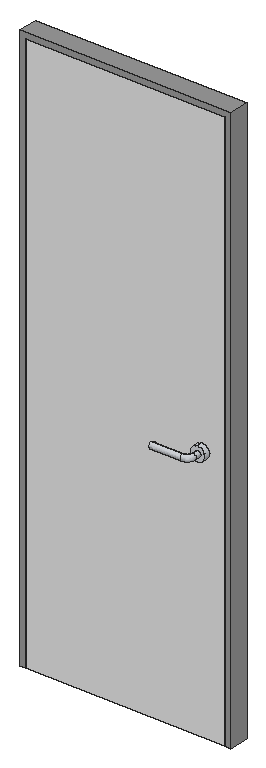
Revit family "- Rosario", category Doors, host Wall, Revit 2018
Family settings
  Host = Wall
  OmniClass Number = 23.30.10.00
  OmniClass Title = Doors
  Always vertical = Yes
  Cut with Voids When Loaded = No
  Shared = No
  Room Calculation Point = No
Parameters (values of type "- 70 x 200 cm")
  Set de Marcos = ""
  Relleno = ""
  Material Marco = - Perfil Aluminio
  Material Hoja = - HDF Primer
  Manilla = - Manilla
  Hojas = "Simple de Abatir"
  Function = Interior
  Frame Projection Ext. = 2.50 cm
  Frame Projection Int. = 2.50 cm
  Frame Width = 7.50 cm
  Height = 200.00 cm
  Wall Closure = By host
  Width = 74.00 cm
  Distancia a Cara Interior = 6.00 cm
  Bisagras = ""
  Ancho Hoja = Width - 4.00 cm  # 70.00 cm
  Ancho = Width  # 74.00 cm
  Analytic Construction = "<None>"
  Alto = Height  # 200.00 cm
Types (12, lengths in cm): name | Material Hoja | Height | Width | Ancho Hoja | Ancho | Alto
  - 70 x 200 cm | - HDF Primer | 200.00 | 74.00 | 70.00 | 74.00 | 200.00
  - 75 x 200 cm | none | 200.00 | 79.00 | 75.00 | 79.00 | 200.00
  - 80 x 200 cm | none | 200.00 | 84.00 | 80.00 | 84.00 | 200.00
  - 85 x 200 cm | none | 200.00 | 89.00 | 85.00 | 89.00 | 200.00
  - 90 x 200 cm | none | 200.00 | 94.00 | 90.00 | 94.00 | 200.00
  -100 x 200 cm | none | 200.00 | 104.00 | 100.00 | 104.00 | 200.00
  - 70 x 210 cm | none | 210.00 | 74.00 | 70.00 | 74.00 | 210.00
  - 75 x 210 cm | none | 210.00 | 79.00 | 75.00 | 79.00 | 210.00
  - 80 x 210 cm | none | 210.00 | 84.00 | 80.00 | 84.00 | 210.00
  - 85 x 210 cm | none | 210.00 | 89.00 | 85.00 | 89.00 | 210.00
  - 90 x 210 cm | none | 210.00 | 94.00 | 90.00 | 94.00 | 210.00
  - 100 x 210 cm | - HDF Crystal | 210.00 | 104.00 | 100.00 | 104.00 | 210.00
Reference planes (cm)
  plane 1: y = 0
  plane 2 "Center (Left/Right)": x = 0
  plane 3 "Left": x = -37
  plane 4 "Right": x = 37
  plane 5: z = 200
  plane 6 "Exterior": y = 7.5
  plane 7 "Interior": y = -7.5
  plane 8: y = -1.5
  plane 9: z = 198
  plane 10: x = -35
  plane 11: x = 35
Forms (cm)
  Sweep 1, solid, material "- Perfil Aluminio" <- "Material Marco"
    path origin (0, 7.5, 0) x (1, 0, 0) y (0, 0, 1)
      loop
        line (37, 0) -> (37, 200) -> (-37, 200) -> (-37, 0)
    profile origin (37, 7.5, 100) x (-1, 0, 0) y (0, -1, 0)
      loop
        line (0, 2) -> (3, 2) -> (3, 4.3) -> (2, 4.3) -> (2, 9) -> (0, 9) -> (0, 2)
  Extrusion 2, solid, material "- HDF Primer" <- "Material Hoja"
    sketch origin (0, 0, 0) x (1, 0, 0) y (0, 1, 0)
      loop
        line (-35, -1.5) -> (35, -1.5) -> (35, 3) -> (-35, 3) -> (-35, -1.5)
    from 0 to 198
  Sweep 3, solid, material "- Manilla" <- "Manilla", not visible
    path origin (5.8483, -7.5601, 0) x (1, 0, 0) y (0, 1, 0)
      loop
        line (22.1517, 15.0613) -> (32.1517, 15.0613)
        arc (32.1517, 15.0613) -> (33.5659, 14.4756) -> (34.1517, 13.0613) r 2
        line (34.1517, 13.0613) -> (34.1517, 11.0613)
    profile origin (33, 7.5012, 0) x (0, 1, 0) y (0, 0, 1)
      loop
        circle (0, 90) r 1
  Extrusion 4, solid, material "- Manilla" <- "Manilla", not visible
    sketch origin (0, 7.5, 0) x (1, 0, 0) y (0, 0, 1)
      loop
        circle (40, 90) r 2.5
    from 3.9988 to 5
Lines and regions (cm)
  Opening 1
    outline origin (-305, -7.5, 0) x (1, 0, 0) y (0, 0, 1)
      loop
        line (268, 0) -> (342, 0) -> (342, 200) -> (268, 200) -> (268, 0)
  symbolic lines, style "Elevation Swing"
    curve 1: line (37, -7.5, 100) -> (-37, -7.5, 200)
    curve 2: line (37, -7.5, 100) -> (-37, -7.5, 0)
    curve 7: arc (-30.5, -71.5, 0) -> (16.4246, -49.6941, 0) -> (35.2596, -1.5001, 0) r 69.4706
  symbolic lines
    curve 3: line (-35, -1.5, 0) -> (-35, -71.5, 0)
    curve 4: line (-30.5, -1.5, 0) -> (-35, -1.5, 0)
    curve 5: line (-30.5, -71.5, 0) -> (-30.5, -1.5, 0)
    curve 6: line (-35, -71.5, 0) -> (-30.5, -71.5, 0)
  model lines, not visible
    curve 8: line (-20, 3, 25) -> (20, 3, 25)
    curve 9: line (-20, 3, 65) -> (-20, 3, 25)
    curve 10: line (20, 3, 65) -> (8.6603, 3, 65)
    curve 11: line (20, 3, 25) -> (20, 3, 65)
    curve 12: line (-20, 3, 75) -> (-8.6603, 3, 75)
    curve 13: line (-20, 3, 75) -> (-20, 3, 169.9666)
    curve 14: line (20, 3, 75) -> (20, 3, 169.9666)
    curve 15: arc (-8.6603, 3, 65) -> (0, 3, 60) -> (8.6603, 3, 65) r 10
    curve 16: line (8.6603, 3, 75) -> (20, 3, 75)
    curve 17: line (-8.6603, 3, 65) -> (-20, 3, 65)
    curve 18: arc (8.6603, 3, 75) -> (0, 3, 80) -> (-8.6603, 3, 75) r 10
    curve 19: arc (14.9666, 3, 175) -> (0, 3, 183) -> (-14.9666, 3, 175) r 18
    curve 20: arc (-20, 3, 169.9666) -> (-16.4409, 3, 171.4409) -> (-14.9666, 3, 175) r 5.0334
    curve 21: arc (14.9666, 3, 175) -> (16.4409, 3, 171.4409) -> (20, 3, 169.9666) r 5.0334
    curve 22: line (-9.2195, 3, 64) -> (-19, 3, 64)
    curve 23: line (-19, 3, 64) -> (-19, 3, 26)
    curve 24: arc (9.2195, 3, 64) -> (0, 3, 59) -> (-9.2195, 3, 64) r 11
    curve 25: line (19, 3, 64) -> (9.2195, 3, 64)
    curve 26: line (19, 3, 26) -> (19, 3, 64)
    curve 27: line (-19, 3, 26) -> (19, 3, 26)
    curve 28: line (-18.9928, 3, 168.9932) -> (-18.9928, 3, 76)
    curve 29: arc (-13.9941, 3, 174.9045) -> (-15.4113, 3, 171.0338) -> (-18.9928, 3, 168.9932) r 5.9946
    curve 30: arc (13.9971, 3, 174.7848) -> (0.0327, 3, 182.1538) -> (-13.9941, 3, 174.9045) r 17.0542
    curve 31: arc (19, 3, 169.1276) -> (15.4988, 3, 171.072) -> (13.9971, 3, 174.7848) r 6.0089
    curve 32: line (19, 3, 76) -> (19, 3, 169.1276)
    curve 33: line (9.2195, 3, 76) -> (19, 3, 76)
    curve 34: arc (-9.2195, 3, 76) -> (0, 3, 81) -> (9.2195, 3, 76) r 11
    curve 35: line (-18.9928, 3, 76) -> (-9.2195, 3, 76)
    curve 36: arc (12.052, 3, 174.0667) -> (0.0498, 3, 180.1537) -> (-12.0243, 3, 174.2107) r 15.0542
    curve 37: arc (-12.0243, 3, 174.2107) -> (-13.561, 3, 170.1508) -> (-16.9928, 3, 167.4925) r 7.9946
    curve 38: line (-16.9928, 3, 167.4925) -> (-16.9928, 3, 78)
    curve 39: line (17, 3, 78) -> (17, 3, 167.6269)
    curve 40: arc (17, 3, 167.6269) -> (13.6492, 3, 170.1731) -> (12.052, 3, 174.0667) r 8.0089
    curve 41: line (-16.9928, 3, 78) -> (-10.247, 3, 78)
    curve 42: arc (-10.247, 3, 78) -> (0, 3, 83) -> (10.247, 3, 78) r 13
    curve 43: line (10.247, 3, 78) -> (17, 3, 78)
    curve 44: line (-10.247, 3, 62) -> (-17, 3, 62)
    curve 45: arc (10.247, 3, 62) -> (0, 3, 57) -> (-10.247, 3, 62) r 13
    curve 46: line (17, 3, 62) -> (10.247, 3, 62)
    curve 47: line (17, 3, 28) -> (17, 3, 62)
    curve 48: line (-17, 3, 28) -> (17, 3, 28)
    curve 49: line (-17, 3, 62) -> (-17, 3, 28)
    curve 50: line (-314, -1.5, 25) -> (-274, -1.5, 25)
    curve 51: line (-314, -1.5, 65) -> (-314, -1.5, 25)
    curve 52: line (-274, -1.5, 25) -> (-274, -1.5, 65)
    curve 53: line (-314, -1.5, 70) -> (-274, -1.5, 70)
    curve 54: line (-314, -1.5, 70) -> (-314, -1.5, 87)
    curve 55: line (-274, -1.5, 70) -> (-274, -1.5, 87)
    curve 56: line (-274, -1.5, 65) -> (-314, -1.5, 65)
    curve 57: line (-275, -1.5, 64) -> (-313, -1.5, 64)
    curve 58: line (-313, -1.5, 64) -> (-313, -1.5, 26)
    curve 59: line (-275, -1.5, 26) -> (-275, -1.5, 64)
    curve 60: line (-313, -1.5, 26) -> (-275, -1.5, 26)
    curve 61: line (-312.9928, -1.5, 86) -> (-312.9928, -1.5, 71)
    curve 62: line (-275, -1.5, 71) -> (-275, -1.5, 86)
    curve 63: line (-312.9928, -1.5, 71) -> (-275, -1.5, 71)
    curve 64: line (-310.9928, -1.5, 84) -> (-310.9928, -1.5, 73)
    curve 65: line (-277, -1.5, 73) -> (-277, -1.5, 84)
    curve 66: line (-310.9928, -1.5, 73) -> (-277, -1.5, 73)
    curve 67: line (-277, -1.5, 62) -> (-311, -1.5, 62)
    curve 68: line (-277, -1.5, 28) -> (-277, -1.5, 62)
    curve 69: line (-311, -1.5, 28) -> (-277, -1.5, 28)
    curve 70: line (-311, -1.5, 62) -> (-311, -1.5, 28)
    curve 71: line (-310.9928, -1.5, 84) -> (-277, -1.5, 84)
    curve 72: line (-314, -1.5, 87) -> (-274, -1.5, 87)
    curve 73: line (-312.9928, -1.5, 86) -> (-275, -1.5, 86)
    curve 74: line (-310.9928, -1.5, 84) -> (-277, -1.5, 84)
    curve 75: line (-314, -1.5, 97) -> (-274, -1.5, 97)
    curve 76: line (-314, -1.5, 185) -> (-314, -1.5, 97)
    curve 77: line (-274, -1.5, 97) -> (-274, -1.5, 185)
    curve 78: line (-274, -1.5, 185) -> (-314, -1.5, 185)
    curve 79: line (-275, -1.5, 184) -> (-313, -1.5, 184)
    curve 80: line (-313, -1.5, 184) -> (-313, -1.5, 98)
    curve 81: line (-275, -1.5, 98) -> (-275, -1.5, 184)
    curve 82: line (-313, -1.5, 98) -> (-275, -1.5, 98)
    curve 83: line (-277, -1.5, 182) -> (-311, -1.5, 182)
    curve 84: line (-277, -1.5, 100) -> (-277, -1.5, 182)
    curve 85: line (-311, -1.5, 100) -> (-277, -1.5, 100)
    curve 86: line (-311, -1.5, 182) -> (-311, -1.5, 100)
    curve 87: line (-320, 3, 25) -> (-280, 3, 25)
    curve 88: line (-320, 3, 65) -> (-320, 3, 25)
    curve 89: line (-280, 3, 25) -> (-280, 3, 65)
    curve 90: line (-320, 3, 72.5) -> (-280, 3, 72.5)
    curve 91: line (-280, 3, 65) -> (-320, 3, 65)
    curve 92: line (-281, 3, 64) -> (-319, 3, 64)
    curve 93: line (-319, 3, 64) -> (-319, 3, 26)
    curve 94: line (-281, 3, 26) -> (-281, 3, 64)
    curve 95: line (-319, 3, 26) -> (-281, 3, 26)
    curve 96: line (-319, 3, 73.5) -> (-281, 3, 73.5)
    curve 97: line (-317, 3, 75.5) -> (-283, 3, 75.5)
    curve 98: line (-283, 3, 62) -> (-317, 3, 62)
    curve 99: line (-283, 3, 28) -> (-283, 3, 62)
    curve 100: line (-317, 3, 28) -> (-283, 3, 28)
    curve 101: line (-317, 3, 62) -> (-317, 3, 28)
    curve 102: line (-320, 3, 179.3431) -> (-320, 3, 72.5)
    curve 103: line (-280, 3, 72.5) -> (-280, 3, 179.3431)
    curve 104: line (-319, 3, 178.3431) -> (-319, 3, 73.5)
    curve 105: line (-281, 3, 73.5) -> (-281, 3, 178.3431)
    curve 106: line (-283, 3, 75.5) -> (-283, 3, 176.3431)
    curve 107: line (-317, 3, 176.3431) -> (-317, 3, 75.5)
    curve 108: arc (-292, 3, 181) -> (-300, 3, 185) -> (-308, 3, 181) r 10
    curve 109: arc (-292, 3, 181) -> (-290.1648, 3, 179.7737) -> (-288, 3, 179.3431) r 5.6569
    curve 110: arc (-308, 3, 181) -> (-309.8352, 3, 179.7737) -> (-312, 3, 179.3431) r 5.6569
    curve 111: line (-288, 3, 179.3431) -> (-280, 3, 179.3431)
    curve 112: line (-312, 3, 179.3431) -> (-320, 3, 179.3431)
    curve 113: line (-281, 3, 178.3431) -> (-288, 3, 178.3431)
    curve 114: arc (-288, 3, 178.3431) -> (-290.5825, 3, 178.8645) -> (-292.7604, 3, 180.3468) r 6.6569
    curve 115: arc (-292.7604, 3, 180.3468) -> (-300, 3, 184) -> (-307.2396, 3, 180.3468) r 9
    curve 116: arc (-307.2396, 3, 180.3468) -> (-309.4175, 3, 178.8645) -> (-312, 3, 178.3431) r 6.6569
    curve 117: line (-312, 3, 178.3431) -> (-319, 3, 178.3431)
    curve 118: line (-283, 3, 176.3431) -> (-288, 3, 176.3431)
    curve 119: arc (-288, 3, 176.3431) -> (-291.43, 3, 177.0516) -> (-294.2985, 3, 179.0611) r 8.6569
    curve 120: arc (-294.2985, 3, 179.0611) -> (-300, 3, 182) -> (-305.7015, 3, 179.0611) r 7
    curve 121: arc (-305.7015, 3, 179.0611) -> (-308.57, 3, 177.0516) -> (-312, 3, 176.3431) r 8.6569
    curve 122: line (-312, 3, 176.3431) -> (-317, 3, 176.3431)
    curve 123: line (302, -1.5, 25) -> (342, -1.5, 25)
    curve 124: line (302, -1.5, 65) -> (302, -1.5, 25)
    curve 125: line (342, -1.5, 25) -> (342, -1.5, 65)
    curve 126: line (302, -1.5, 77.5) -> (342, -1.5, 77.5)
    curve 127: line (342, -1.5, 65) -> (302, -1.5, 65)
    curve 128: line (341, -1.5, 64) -> (303, -1.5, 64)
    curve 129: line (303, -1.5, 64) -> (303, -1.5, 26)
    curve 130: line (341, -1.5, 26) -> (341, -1.5, 64)
    curve 131: line (303, -1.5, 26) -> (341, -1.5, 26)
    curve 132: line (303, -1.5, 78.5) -> (341, -1.5, 78.5)
    curve 133: line (304.9998, -1.5, 80.5) -> (339.0011, -1.5, 80.5)
    curve 134: line (339, -1.5, 62) -> (305, -1.5, 62)
    curve 135: line (339, -1.5, 28) -> (339, -1.5, 62)
    curve 136: line (305, -1.5, 28) -> (339, -1.5, 28)
    curve 137: line (305, -1.5, 62) -> (305, -1.5, 28)
    curve 138: line (302, -1.5, 185) -> (302, -1.5, 77.5)
    curve 139: line (342, -1.5, 77.5) -> (342, -1.5, 185)
    curve 140: line (303, -1.5, 184) -> (303, -1.5, 78.5)
    curve 141: line (341, -1.5, 78.5) -> (341, -1.5, 184)
    curve 142: line (339.0011, -1.5, 80.5) -> (339.0011, -1.5, 182)
    curve 143: line (304.9998, -1.5, 182) -> (304.9998, -1.5, 80.5)
    curve 144: line (306, 3, 25) -> (346, 3, 25)
    curve 145: line (306, 3, 65) -> (306, 3, 25)
    curve 146: line (346, 3, 25) -> (346, 3, 65)
    curve 147: line (306, 3, 77.5) -> (346, 3, 77.5)
    curve 148: line (346, 3, 65) -> (306, 3, 65)
    curve 149: line (345, 3, 64) -> (307, 3, 64)
    curve 150: line (307, 3, 64) -> (307, 3, 26)
    curve 151: line (345, 3, 26) -> (345, 3, 64)
    curve 152: line (307, 3, 26) -> (345, 3, 26)
    curve 153: line (307, 3, 78.5) -> (345, 3, 78.5)
    curve 154: line (308.9998, 3, 80.5) -> (343.0011, 3, 80.5)
    curve 155: line (343, 3, 62) -> (309, 3, 62)
    curve 156: line (343, 3, 28) -> (343, 3, 62)
    curve 157: line (309, 3, 28) -> (343, 3, 28)
    curve 158: line (309, 3, 62) -> (309, 3, 28)
    curve 159: line (306, 3, 185) -> (306, 3, 77.5)
    curve 160: line (346, 3, 77.5) -> (346, 3, 185)
    curve 161: line (307, 3, 184) -> (307, 3, 78.5)
    curve 162: line (345, 3, 78.5) -> (345, 3, 184)
    curve 163: line (343.0011, 3, 80.5) -> (343.0011, 3, 182)
    curve 164: line (308.9998, 3, 182) -> (308.9998, 3, 80.5)
    curve 165: line (346, 3, 185) -> (306, 3, 185)
    curve 166: line (345, 3, 184) -> (307, 3, 184)
    curve 167: line (343.0011, 3, 182) -> (308.9998, 3, 182)
    curve 168: line (302, -1.5, 185) -> (342, -1.5, 185)
    curve 169: line (341, -1.5, 184) -> (303, -1.5, 184)
    curve 170: line (339.0011, -1.5, 182) -> (304.9998, -1.5, 182)
    curve 172: line (24, 7.5, 179) -> (-49, 7.5, 179)
    curve 173: line (24, 7.5, 178) -> (-49, 7.5, 178)
    curve 176: line (-49, 7.5, 178.5) -> (-48.8, 7.5, 178.5)
  model lines
    curve 171: line (9, 3, 197) -> (9, 3, 0)
    curve 174: line (-34, 7.5, 34.5) -> (-33.8, 7.5, 34.5)
    curve 175: line (-34, 7.5, 172.5) -> (-33.8, 7.5, 172.5)
    curve 177: line (-34, 7.5, 138) -> (-33.8, 7.5, 138)
    curve 178: line (-34, 7.5, 103.5) -> (-33.8, 7.5, 103.5)
    curve 179: line (-34, 7.5, 69) -> (-33.8, 7.5, 69)
    curve 180: line (10, -1.5, 198) -> (10, -1.5, 0)
    curve 181: line (9, 3, 165) -> (-34, 3, 165)
    curve 182: line (9, 3, 132) -> (-34, 3, 132)
    curve 183: line (9, 3, 99) -> (-34, 3, 99)
    curve 184: line (9, 3, 66) -> (-34, 3, 66)
    curve 185: line (9, 3, 33) -> (-34, 3, 33)
    curve 186: line (10, -1.5, 165) -> (-35, -1.5, 165)
    curve 187: line (10, -1.5, 132) -> (-35, -1.5, 132)
    curve 188: line (10, -1.5, 99) -> (-35, -1.5, 99)
    curve 189: line (10, -1.5, 66) -> (-35, -1.5, 66)
    curve 190: line (10, -1.5, 33) -> (-35, -1.5, 33)
Text (cm)
  text "Exterior" at (-229.5016, 109.9543, 0), in view "Ref. Level"
  text "Exterior" at (0, 161.538, 369.8081), in view "Left"
  text "Exterior" at (0, 103.6032, 387.4932), in view "Right"
Dimensions and locks (cm)
  equal spacing: plane 3 "Left", plane 2 "Center (Left/Right)", plane 4 "Right"
  "Width": plane 3 "Left" to plane 4 "Right"
  "Height": plane 5 to host wall
  equal spacing: host wall, curve 2, plane 5
  host wall to plane 5 = 200.00 cm
  locked: plane 6 "Exterior" to host wall at 0
  locked: plane 7 "Interior" to host wall
  "Distancia a Cara Interior": plane 7 "Interior" to plane 8
  locked: Sweep 1 sketch curve to Sweep 1 sketch curve at 7
  locked: plane 9 to plane 5 at 2
  locked: curve 3 to curve 5 at 4.5
  locked: plane 3 "Left" to plane 10 at 2
  locked: plane 11 to plane 4 "Right" at 2
  "Ancho Hoja": curve 6 to curve 4
  locked: Extrusion 2 sketch curve to Extrusion 2 sketch curve at 4.5
  locked: nested 1 to plane 4 "Right" at 10
  level to nested 1 = 90.00 cm
  locked: nested 2 to plane 4 "Right" at 10
  locked: nested 2 to level at 90
  locked: Sweep 1 sketch curve to Sweep 1 sketch curve at 2.3
  locked: curve 171 to Sweep 1 at 25
  locked: Extrusion 2 to curve 180 at 25
  equal spacing: Extrusion 2, curve 185, curve 184, curve 183, curve 182, curve 181, plane 9
  equal spacing: plane 9, curve 186, curve 187, curve 188, curve 189, curve 190, Extrusion 2
  aligned and locked: plane 3 "Left" to Opening 1 sketch curve
  aligned and locked: plane 5 to Opening 1 sketch curve  (x2)
  aligned and locked: Opening 1 sketch curve to plane 4 "Right"
  aligned and locked: Opening 1 sketch curve to level
  aligned and locked: plane 5 to curve 1
  aligned and locked: plane 3 "Left" to curve 2
  aligned and locked: plane 1 to host wall
  aligned and locked: plane 3 "Left" to curve 1
  aligned and locked: plane 8 to Sweep 1 sketch curve
  aligned and locked: Extrusion 2 sketch curve to plane 8
  aligned and locked: Sweep 1 to level
  aligned and locked: plane 10 to curve 3
  aligned and locked: Sweep 3 to Extrusion 4
  aligned and locked: Extrusion 2 to plane 9
Automatic sketch dimensions
  plane 4 "Right" to curve 2 = 0.00 cm
  curve 2 to level = 0.00 cm
  plane 3 "Left" to Sweep 1 sketch curve = 0.00 cm
  plane 4 "Right" to Sweep 1 sketch curve = 0.00 cm
  Sweep 1 sketch curve to level = 0.00 cm  (x2)
  Sweep 1 sketch curve to plane 5 = 0.00 cm
  Sweep 1 sketch curve to profile plane = 0.00 cm
  Sweep 1 sketch curve to profile plane = 2.00 cm
  Sweep 1 sketch curve to Sweep 1 sketch curve = 1.00 cm
  curve 7 to plane 8 = 0.0001 cm
  curve 7 to plane 11 = 0.2596 cm
  curve 4 to plane 8 = 0.00 cm
  curve 7 to plane 10 = 0.7919 cm
  Sweep 3 sketch curve to Sweep 3 sketch curve = 10.00 cm
  Sweep 3 sketch curve to Sweep 3 sketch curve = 2.00 cm  (x2)
  Sweep 3 sketch curve to profile plane = 0.00 cm
  profile plane to Sweep 3 sketch curve = 90.00 cm
  Extrusion 2 sketch curve to plane 10 = 0.00 cm
  Extrusion 2 sketch curve to plane 11 = 0.00 cm
  curve 15 to curve 18 = 0.00 cm  (x4)
  curve 15 to curve 24 = 0.00 cm  (x4)
  curve 15 to curve 34 = 0.00 cm  (x4)
  curve 15 to curve 42 = 0.00 cm  (x4)
  curve 15 to curve 45 = 0.00 cm  (x4)
  curve 29 to curve 37 = 0.00 cm  (x4)
  curve 30 to curve 36 = 0.00 cm  (x4)
  curve 31 to curve 40 = 0.00 cm  (x4)
  curve 8 to curve 31 = 0.00 cm
  curve 21 to curve 31 = 0.00 cm
  curve 14 to curve 32 = 1.00 cm
  curve 10 to curve 26 = 1.00 cm
  curve 26 to curve 47 = 2.00 cm
  curve 32 to curve 39 = 2.00 cm
  curve 46 to curve 46 = 6.753 cm
  curve 39 to curve 43 = 6.753 cm
  curve 42 to curve 33 = 1.0274 cm
  curve 45 to curve 25 = 1.0274 cm
  curve 33 to curve 16 = 0.5593 cm
  curve 24 to curve 10 = 0.5593 cm
  curve 16 to curve 24 = 8.6603 cm
  curve 39 to curve 19 = 17.00 cm
  curve 19 to curve 36 = 0.0402 cm
  curve 15 to curve 12 = 8.6603 cm
  curve 15 to curve 17 = 8.6603 cm
  curve 15 to curve 22 = 0.5593 cm
  curve 12 to curve 35 = 0.5593 cm
  curve 22 to curve 44 = 1.0274 cm
  curve 34 to curve 41 = 1.0274 cm
  curve 41 to curve 38 = 6.7459 cm
  curve 47 to curve 48 = 34.00 cm
  curve 38 to curve 35 = 2.00 cm
  curve 44 to curve 22 = 2.00 cm
  curve 28 to curve 29 = 0.9959 cm
  curve 29 to curve 20 = 0.0113 cm
  curve 22 to curve 17 = 1.00 cm
  curve 8 to curve 26 = 1.00 cm
  curve 23 to curve 49 = 2.00 cm
  curve 48 to curve 49 = 34.00 cm
  curve 45 to curve 25 = 2.00 cm
  curve 25 to curve 10 = 1.00 cm
  curve 10 to curve 45 = 5.00 cm
  curve 10 to curve 16 = 10.00 cm
  curve 12 to curve 35 = 1.00 cm
  curve 34 to curve 41 = 2.00 cm
  curve 41 to curve 19 = 87.00 cm
  curve 19 to curve 30 = 0.0997 cm
  curve 36 to curve 38 = 2.3928 cm
  curve 19 to curve 39 = 2.6269 cm
  curve 37 to curve 28 = 1.5007 cm
  curve 39 to curve 32 = 1.5007 cm
  curve 28 to curve 13 = 0.9734 cm
  curve 31 to curve 14 = 0.839 cm
  curve 13 to curve 29 = 4.9378 cm
  curve 29 to curve 20 = 0.0955 cm
  curve 21 to curve 40 = 0.0527 cm
  curve 31 to curve 36 = 1.9451 cm
  curve 55 to curve 62 = 1.4142 cm
  curve 59 to curve 68 = 2.8284 cm
  curve 62 to curve 65 = 2.8284 cm
  curve 53 to curve 63 = 1.4142 cm
  curve 57 to curve 67 = 2.8284 cm
  curve 66 to curve 64 = 33.9928 cm
  curve 68 to curve 69 = 34.00 cm
  curve 64 to curve 63 = 2.8284 cm
  curve 67 to curve 57 = 2.8284 cm
  curve 57 to curve 56 = 1.4142 cm
  curve 50 to curve 59 = 1.4142 cm
  curve 58 to curve 70 = 2.8284 cm
  curve 69 to curve 70 = 34.00 cm  (x2)
  curve 53 to curve 63 = 1.4193 cm
  curve 65 to curve 62 = 2.8284 cm
  curve 61 to curve 54 = 1.4193 cm
  curve 18 to curve 24 = 0.00 cm  (x2)
  curve 18 to curve 34 = 0.00 cm  (x2)
  curve 18 to curve 42 = 0.00 cm  (x2)
  curve 18 to curve 45 = 0.00 cm  (x2)
  curve 24 to curve 34 = 0.00 cm  (x2)
  curve 24 to curve 42 = 0.00 cm  (x2)
  curve 24 to curve 45 = 0.00 cm  (x2)
  curve 34 to curve 42 = 0.00 cm  (x2)
  curve 34 to curve 45 = 0.00 cm  (x2)
  curve 42 to curve 45 = 0.00 cm  (x2)
  curve 72 to curve 51 = 0.00 cm
  curve 75 to curve 54 = 0.00 cm
  curve 76 to curve 79 = 1.00 cm
  curve 51 to curve 57 = 1.00 cm
  curve 53 to curve 63 = 1.0072 cm
  curve 79 to curve 86 = 2.00 cm
  curve 58 to curve 70 = 2.00 cm
  curve 61 to curve 66 = 2.00 cm
  curve 64 to curve 65 = 33.9928 cm
  curve 69 to curve 69 = 34.00 cm
  curve 85 to curve 65 = 0.00 cm
  curve 68 to curve 60 = 2.00 cm
  curve 65 to curve 63 = 2.00 cm
  curve 84 to curve 82 = 2.00 cm
  curve 62 to curve 55 = 1.00 cm
  curve 57 to curve 56 = 1.00 cm  (x2)
  curve 79 to curve 78 = 1.00 cm  (x2)
  curve 50 to curve 59 = 1.00 cm
  curve 59 to curve 68 = 2.00 cm
  curve 67 to curve 57 = 2.00 cm
  curve 52 to curve 53 = 5.00 cm
  curve 53 to curve 63 = 1.00 cm
  curve 62 to curve 66 = 2.00 cm
  curve 65 to curve 71 = 11.00 cm
  curve 65 to curve 62 = 2.00 cm
  curve 62 to curve 72 = 1.00 cm
  curve 55 to curve 75 = 10.00 cm
  curve 75 to curve 82 = 1.00 cm
  curve 81 to curve 84 = 2.00 cm
  curve 84 to curve 84 = 82.00 cm
  curve 83 to curve 79 = 2.00 cm
  curve 87 to curve 90 = 0.00 cm
  curve 103 to curve 105 = 1.00 cm
  curve 89 to curve 92 = 1.00 cm
  curve 105 to curve 106 = 2.00 cm
  curve 92 to curve 99 = 2.00 cm
  curve 98 to curve 98 = 34.00 cm
  curve 106 to curve 107 = 34.00 cm
  curve 97 to curve 96 = 2.00 cm
  curve 98 to curve 92 = 2.00 cm
  curve 96 to curve 102 = 1.00 cm
  curve 92 to curve 91 = 1.00 cm
  curve 87 to curve 94 = 1.00 cm
  curve 94 to curve 99 = 2.00 cm
  curve 100 to curve 101 = 34.00 cm
  curve 98 to curve 93 = 2.00 cm
  curve 92 to curve 89 = 1.00 cm
  curve 89 to curve 103 = 7.50 cm
  curve 90 to curve 105 = 1.00 cm
  curve 96 to curve 106 = 2.00 cm
  curve 97 to curve 107 = 100.8431 cm
  curve 106 to curve 107 = 0.00 cm
  curve 106 to curve 105 = 2.00 cm
  curve 105 to curve 103 = 1.00 cm
  curve 123 to curve 126 = 52.50 cm
  curve 139 to curve 141 = 1.4142 cm
  curve 125 to curve 128 = 1.4142 cm
  curve 141 to curve 142 = 2.8276 cm
  curve 128 to curve 135 = 2.8284 cm
  curve 134 to curve 134 = 34.00 cm
  curve 142 to curve 143 = 34.0013 cm  (x2)
  curve 133 to curve 132 = 2.8283 cm
  curve 134 to curve 128 = 2.8284 cm
  curve 132 to curve 138 = 1.4142 cm
  curve 128 to curve 127 = 1.4142 cm
  curve 123 to curve 130 = 1.4142 cm
  curve 130 to curve 135 = 2.8284 cm
  curve 136 to curve 137 = 34.00 cm  (x2)
  curve 134 to curve 129 = 2.8284 cm
  curve 128 to curve 125 = 1.4142 cm
  curve 125 to curve 139 = 12.50 cm
  curve 126 to curve 141 = 1.4142 cm
  curve 132 to curve 142 = 2.8276 cm
  curve 133 to curve 143 = 101.50 cm
  curve 142 to curve 141 = 2.8276 cm
  curve 143 to curve 140 = 2.8283 cm
  curve 141 to curve 139 = 1.4142 cm
  curve 140 to curve 138 = 1.4142 cm
  curve 108 to curve 115 = 0.00 cm  (x4)
  curve 108 to curve 120 = 0.00 cm  (x4)
  curve 109 to curve 114 = 0.00 cm  (x3)
  curve 109 to curve 119 = 0.00 cm  (x4)
  curve 110 to curve 116 = 0.00 cm  (x3)
  curve 110 to curve 121 = 0.00 cm  (x3)
  curve 114 to curve 119 = 0.00 cm  (x3)
  curve 116 to curve 121 = 0.00 cm  (x4)
  curve 106 to curve 111 = 5.00 cm
  curve 118 to curve 115 = 12.00 cm
  curve 110 to curve 104 = 7.00 cm
  curve 115 to curve 106 = 1.3431 cm
  curve 122 to curve 117 = 2.00 cm
  curve 117 to curve 112 = 1.00 cm
  curve 110 to curve 121 = 5.6569 cm
  curve 111 to curve 109 = 5.6569 cm
  curve 109 to curve 109 = 4.00 cm
  curve 108 to curve 115 = 0.7604 cm
  curve 115 to curve 119 = 1.5381 cm
  curve 115 to curve 120 = 0.00 cm  (x2)
  curve 144 to curve 147 = 52.50 cm
  curve 160 to curve 162 = 1.4142 cm
  curve 146 to curve 149 = 1.4142 cm
  curve 162 to curve 163 = 2.8276 cm
  curve 149 to curve 156 = 2.8284 cm
  curve 155 to curve 155 = 34.00 cm  (x2)
  curve 163 to curve 164 = 34.0013 cm  (x3)
  curve 154 to curve 153 = 2.8283 cm
  curve 155 to curve 149 = 2.8284 cm
  curve 153 to curve 159 = 1.4142 cm
  curve 149 to curve 148 = 1.4142 cm
  curve 144 to curve 151 = 1.4142 cm  (x2)
  curve 151 to curve 156 = 2.8284 cm  (x2)
  curve 157 to curve 158 = 34.00 cm  (x3)
  curve 155 to curve 150 = 2.8284 cm  (x2)
  curve 149 to curve 146 = 1.4142 cm  (x2)
  curve 146 to curve 160 = 12.50 cm  (x3)
  curve 147 to curve 162 = 1.4142 cm
  curve 153 to curve 163 = 2.8276 cm
  curve 154 to curve 164 = 101.50 cm  (x2)
  curve 163 to curve 162 = 2.8276 cm  (x2)
  curve 164 to curve 161 = 2.8283 cm
  curve 162 to curve 160 = 1.4142 cm
  curve 161 to curve 159 = 1.4142 cm
  curve 159 to curve 145 = 120.00 cm
  curve 147 to curve 161 = 1.4142 cm
  curve 145 to curve 149 = 1.4142 cm
  curve 150 to curve 158 = 2.8284 cm
  curve 153 to curve 154 = 2.8283 cm
  curve 155 to curve 163 = 18.50 cm
  curve 156 to curve 152 = 2.8284 cm
  curve 153 to curve 160 = 1.4142 cm
  curve 151 to curve 144 = 1.4142 cm
  curve 147 to curve 153 = 1.4142 cm
  curve 153 to curve 164 = 2.8283 cm
  curve 144 to curve 147 = 0.00 cm
  curve 147 to curve 153 = 1.00 cm  (x2)
  curve 146 to curve 149 = 1.00 cm
  curve 162 to curve 163 = 1.9989 cm
  curve 149 to curve 156 = 2.00 cm
  curve 155 to curve 158 = 34.00 cm
  curve 164 to curve 161 = 1.9998 cm
  curve 155 to curve 149 = 2.00 cm
  curve 150 to curve 145 = 1.00 cm
  curve 153 to curve 147 = 1.00 cm
  curve 144 to curve 151 = 1.00 cm
  curve 151 to curve 156 = 2.00 cm
  curve 155 to curve 150 = 2.00 cm
  curve 149 to curve 148 = 1.00 cm
  curve 153 to curve 154 = 2.00 cm
  curve 164 to curve 161 = 2.00 cm
  curve 161 to curve 159 = 1.00 cm
  curve 168 to curve 124 = 0.00 cm
  curve 126 to curve 132 = 1.00 cm  (x2)
  curve 124 to curve 128 = 1.00 cm
  curve 132 to curve 143 = 1.9998 cm
  curve 129 to curve 137 = 2.00 cm
  curve 134 to curve 135 = 34.00 cm
  curve 134 to curve 133 = 0.0011 cm
  curve 134 to curve 130 = 2.00 cm  (x2)
  curve 133 to curve 132 = 1.9989 cm
  curve 141 to curve 139 = 1.00 cm
  curve 128 to curve 125 = 1.00 cm
  curve 123 to curve 130 = 1.00 cm
  curve 130 to curve 136 = 2.00 cm
  curve 128 to curve 127 = 1.00 cm
  curve 124 to curve 138 = 12.50 cm
  curve 132 to curve 143 = 2.00 cm
  curve 133 to curve 168 = 104.50 cm
  curve 142 to curve 141 = 2.00 cm
  curve 169 to curve 139 = 1.00 cm
  curve 174 to curve 174 = 0.20 cm
  curve 175 to curve 175 = 0.20 cm  (x2)
  curve 176 to curve 176 = 0.20 cm
  curve 176 to curve 173 = 72.80 cm
  curve 172 to curve 173 = 0.00 cm  (x2)
  curve 173 to curve 176 = 0.50 cm
  curve 176 to curve 172 = 0.50 cm
  curve 176 to curve 173 = 0.00 cm
  curve 177 to curve 177 = 0.20 cm  (x2)
  curve 178 to curve 178 = 0.20 cm  (x2)
  curve 179 to curve 179 = 0.20 cm  (x2)
  curve 174 to plane 10 = 1.00 cm
  curve 174 to plane 10 = 1.20 cm
  level to curve 174 = 34.50 cm
  curve 190 to Extrusion 2 = 0.00 cm
  curve 188 to Extrusion 2 = 0.00 cm
  curve 187 to Extrusion 2 = 0.00 cm
  curve 186 to Extrusion 2 = 0.00 cm
  curve 189 to Extrusion 2 = 0.00 cm
  curve 180 to Extrusion 2 = 0.00 cm  (x2)
  curve 171 to Extrusion 2 = 0.00 cm
  curve 182 to Extrusion 2 = 1.00 cm
  curve 184 to Extrusion 2 = 1.00 cm
  curve 181 to Extrusion 2 = 1.00 cm
  curve 185 to Extrusion 2 = 1.00 cm
  curve 183 to Extrusion 2 = 1.00 cm
  Extrusion 2 to curve 171 = 1.00 cm
  curve 179 to plane 10 = 1.00 cm
  level to curve 179 = 69.00 cm
  curve 177 to plane 10 = 1.00 cm
  curve 178 to plane 10 = 1.00 cm
  curve 175 to plane 10 = 1.00 cm
  curve 179 to curve 178 = 34.50 cm
  curve 178 to curve 177 = 34.50 cm
  plane 9 to curve 175 = 25.50 cm
  radius of Sweep 3 sketch curve = 1.00 cm
  radius of Extrusion 4 sketch curve = 2.50 cm
Nested families (cm)
  nested 1: "- Manilla Generica Puerta" at (27, 3, 90) x (0, 0, -1) z (0, 1, 0), type "- Manilla Generica Puerta"
  nested 2: "- Manilla Generica Puerta" at (27, -1.5, 90) x (0, 0, -1) z (0, -1, 0), type "- Manilla Generica Puerta"
Definition of nested family "- Manilla Generica Puerta"
  Parameters (values of type "- Manilla Generica Puerta")
    Manilla = none
    Default Elevation = 121.92 cm
  Reference planes (cm)
    plane 1 "Center (Front/Back)": y = 0
    plane 2: z = 0
    plane 3 "Center (Left/Right)": x = 0
    plane 4: z = 2
  Forms (cm)
    Extrusion 1, solid
      sketch origin (0, 0, 0) x (1, 0, 0) y (0, 1, 0)
        loop
          line (-121.92, 121.92) -> (-121.92, -121.92) -> (121.92, -121.92) -> (121.92, 121.92) -> (-121.92, 121.92)
      from 0 to -30.48
    Extrusion 2, solid, material <- "Manilla"
      sketch origin (0, 0, 0) x (1, 0, 0) y (0, 1, 0)
        loop
          circle (0, 0) r 2.5
      from 0 to 2
    Sweep 3, solid, material <- "Manilla"
      path origin (0, 0, 0) x (0, 1, 0) y (0, 0, 1)
        loop
          line (0, 2) -> (0, 4)
          arc (0, 4) -> (0.5858, 5.4142) -> (2, 6) r 2
          line (2, 6) -> (13, 6)
      profile origin (0, 0, 3) x (0, -1, 0) y (1, 0, 0)
        loop
          circle (0, 0) r 1
  Dimensions and locks (cm)
    locked: Extrusion 2 to Extrusion 2 at 2
    locked: plane 4 to level at 2
    aligned and locked: plane 2 to Extrusion 1
    aligned and locked: level to Extrusion 1
    aligned and locked: plane 4 to Sweep 3
